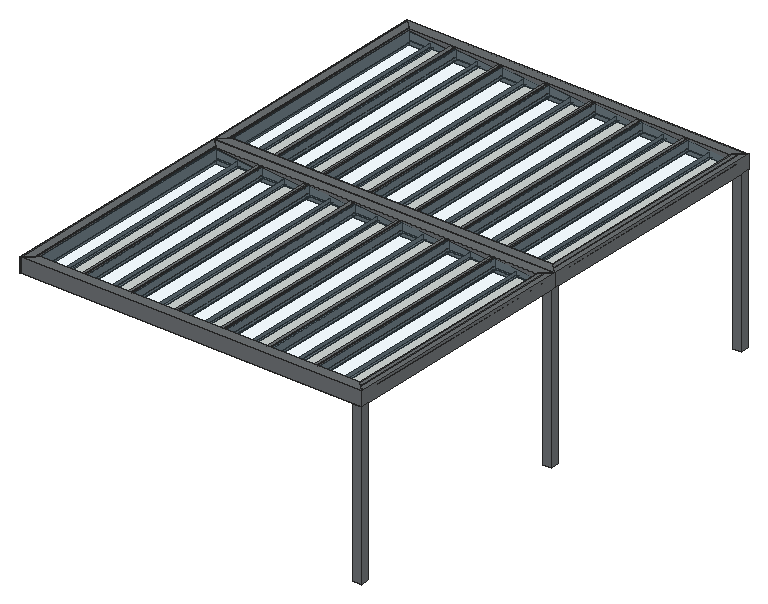
Revit family "Verano_V870_Belluno_GM_R21_Wall Attached", category Generic Models, Revit 2021
Family settings
  Can host rebar = No
  Round Connector Dimension = Use Diameter
  Part Type = Normal
  Work Plane-Based = No
  Always vertical = Yes
  Cut with Voids When Loaded = No
  Shared = No
  Room Calculation Point = No
Parameters (values of type "TYPE 3 - Double Series")
  Width 2 Input (2500 - 4250mm) [instance] = 4250 mm
  Width 2 Constraint [instance] = if([Length 2 Input (1787 - 6000mm)] < 1787 mm, 1787 mm, if([Length 2 Input (1787 - 6000mm)] > 6000 mm, 6000 mm, [Length 2 Input (1787 - 6000mm)]))  # 6000 mm
  Width 1 Input (2500 - 4250mm) [instance] = 4250 mm
  Pillar Visibility = no
  Width 1 Constraint [instance] = if([Length 1 Input (1787 - 6000mm)] < 1787 mm, 1787 mm, if([Length 1 Input (1787 - 6000mm)] > 6000 mm, 6000 mm, [Length 1 Input (1787 - 6000mm)]))  # 6000 mm
  Warning - Width [instance] = if(or([Width 1 Input (2500 - 4250mm)] < 2500 mm, [Width 1 Input (2500 - 4250mm)] > 4250 mm, [Width 2 Input (2500 - 4250mm)] < 2500 mm, [Width 2 Input (2500 - 4250mm)] > 4250 mm), 1 = 1, 1 = 0)  # no
  Warning - Length [instance] = if(or([Length 1 Input (1787 - 6000mm)] < 1787 mm, [Length 1 Input (1787 - 6000mm)] > 6000 mm, [Length 2 Input (1787 - 6000mm)] < 1787 mm, [Length 2 Input (1787 - 6000mm)] > 6000 mm), 1 = 1, 1 = 0)  # no
  URL = "https://verano.nl/catalogus/lamellendaken"
  Pillar Height Constraint [instance] = Height Constraint - 250 mm  # 2800 mm
  Panel Material [instance] = Glass
  Overall Width [instance] = if(TYPE = 1, Width 1 Constraint, if(TYPE = 3, Width 1 Constraint, Width 1 Constraint + Width 2 Constraint))  # 6000 mm
  Overall Depth [instance] = if(TYPE = 1, Depth 1 Constraint, if(TYPE = 2, Depth 1 Constraint, Depth 1 Constraint + Depth 2 Constraint))  # 8500 mm
  Model = "V870 Belluno"
  Manufacturer = "Verano Systems"
  Length 2 Input (1787 - 6000mm) [instance] = 6000 mm
  Length 1 Input (1787 - 6000mm) [instance] = 6000 mm
  Height Input (600 - 3050mm) [instance] = 3050 mm
  Height Constraint [instance] = if([Height Input (600 - 3050mm)] < 600 mm, 600 mm, if([Height Input (600 - 3050mm)] > 3050 mm, 3050 mm, [Height Input (600 - 3050mm)]))  # 3050 mm
  TYPE = 3
  Freestanding-Single = TYPE = 1  # no
  Freestanding - Double Series = TYPE = 3  # yes
  Freestanding - Double Parallel = TYPE = 2  # no
  Frame Material [instance] = V_Antracite
  Fabric Material [instance] = V_Fabric Beige
  Depth 2 Constraint [instance] = if([Width 2 Input (2500 - 4250mm)] < 2500 mm, 2500 mm, if([Width 2 Input (2500 - 4250mm)] > 4250 mm, 4250 mm, [Width 2 Input (2500 - 4250mm)]))  # 4250 mm
  Depth 1 Constraint [instance] = if([Width 1 Input (2500 - 4250mm)] < 2500 mm, 2500 mm, if([Width 1 Input (2500 - 4250mm)] > 4250 mm, 4250 mm, [Width 1 Input (2500 - 4250mm)]))  # 4250 mm
  Default Elevation = 0 mm
  Close Factor Constraint [instance] = if([Closing Factor (0-100%)] < 0, 0, if([Closing Factor (0-100%)] > 100, 100, [Closing Factor (0-100%)]))  # 50
  Closing Factor (0-100%) [instance] = 50
Types (3, lengths in mm): name | URL | Overall Width | Overall Depth | TYPE | Freestanding-Single | Freestanding - Double Series | Freestanding - Double Parallel | Close Factor Constraint | Closing Factor (0-100%)
  TYPE 1 - Single | 0 | 6000 | 4250 | 1 | yes | no | no | 100 | 100
  TYPE 2 - Double Parallel | 0 | 12000 | 4250 | 2 | no | no | yes | 50 | 50
  TYPE 3 - Double Series | "https://verano.nl/catalogus/lamellendaken" | 6000 | 8500 | 3 | no | yes | no | 50 | 50
Reference planes
  plane 1 "Center (Front/Back)": y = 0
  plane 2: z = 0
  plane 3 "Center (Left/Right)": x = 0
  plane 4: y = -4250
  plane 5: x = 6000
  plane 6: x = -6000
  plane 7: y = 4250
  plane 8: y = -4175
  plane 9: x = -5925
  plane 10: y = 4175
  plane 11: x = 5925
  plane 12: y = -75
  plane 13: x = -75
  plane 14: x = -3000
  plane 15: y = -2125
  plane 16: y = 2125
Lines and regions (mm)
  symbolic lines, style "GenericModelHiddenLines", visible <- "Freestanding - Double Series"
    curve 1: line (0, 4250, 0) -> (-6000, 4250, 0)
    curve 2: line (0, 4250, 0) -> (0, -4250, 0)
    curve 3: line (0, -4250, 0) -> (-6000, -4250, 0)
    curve 4: line (-6000, 4250, 0) -> (-6000, -4250, 0)
  symbolic lines, style "GenericModelHiddenLines", visible <- "Freestanding - Double Parallel"
    curve 5: line (6000, 0, 0) -> (-6000, 0, 0)
    curve 6: line (6000, 0, 0) -> (6000, -4250, 0)
    curve 7: line (6000, -4250, 0) -> (-6000, -4250, 0)
    curve 8: line (-6000, 0, 0) -> (-6000, -4250, 0)
  symbolic lines, style "GenericModelHiddenLines", visible <- "Freestanding-Single"
    curve 9: line (0, 0, 0) -> (-6000, 0, 0)
    curve 10: line (0, 0, 0) -> (0, -4250, 0)
    curve 11: line (0, -4250, 0) -> (-6000, -4250, 0)
    curve 12: line (-6000, 0, 0) -> (-6000, -4250, 0)
Dimensions and locks
  "Depth 1 Constraint": plane 4 to plane 1 "Center (Front/Back)"
  "Depth 2 Constraint": plane 1 "Center (Front/Back)" to plane 7
  "Width 1 Constraint": plane 6 to plane 3 "Center (Left/Right)"
  "Width 2 Constraint": plane 3 "Center (Left/Right)" to plane 5
  plane 4 to plane 7 = 8500 mm
  plane 6 to plane 5 = 12000 mm
  locked: plane 6 to plane 9 at 75
  locked: plane 4 to plane 8 at 75
  locked: plane 12 to plane 1 "Center (Front/Back)" at 75
  locked: plane 10 to plane 7 at 75
  locked: plane 13 to plane 3 "Center (Left/Right)" at 75
  locked: plane 11 to plane 5 at 75
  equal spacing: plane 6, plane 14, plane 3 "Center (Left/Right)"
  equal spacing: plane 4, plane 15, plane 1 "Center (Front/Back)"
  equal spacing: plane 1 "Center (Front/Back)", plane 16, plane 7
  aligned and locked: level to plane 2
  aligned and locked: nested 1 to plane 8
  aligned and locked: nested 1 to plane 9
  aligned and locked: plane 8 to nested 4
  aligned and locked: nested 4 to plane 13
  aligned and locked: nested 2 to plane 12
  aligned and locked: plane 9 to nested 2
  aligned and locked: plane 13 to nested 3
  aligned and locked: plane 12 to nested 3
  aligned and locked: nested 5 to plane 10
  aligned and locked: plane 9 to nested 5
  aligned and locked: plane 13 to nested 7
  aligned and locked: plane 10 to nested 7
  aligned and locked: nested 6 to plane 1 "Center (Front/Back)"
  aligned and locked: plane 9 to nested 6
  aligned and locked: plane 13 to nested 8
  aligned and locked: plane 1 "Center (Front/Back)" to nested 8
  aligned and locked: plane 11 to nested 10
  aligned and locked: plane 12 to nested 10
  aligned and locked: nested 12 to plane 3 "Center (Left/Right)"
  aligned and locked: plane 8 to nested 12
  aligned and locked: plane 12 to nested 11
  aligned and locked: plane 3 "Center (Left/Right)" to nested 11
  aligned and locked: nested 9 to plane 11
  aligned and locked: plane 8 to nested 9
  aligned and locked: nested 13 to plane 9
  aligned and locked: nested 13 to plane 8
  aligned and locked: plane 8 to nested 14
  aligned and locked: nested 14 to plane 13
  aligned and locked: plane 9 to nested 15
  aligned and locked: nested 15 to plane 12
  aligned and locked: nested 16 to plane 15
  aligned and locked: nested 16 to plane 14
  aligned and locked: nested 17 to plane 3 "Center (Left/Right)"
  aligned and locked: nested 17 to plane 15
  aligned and locked: nested 18 to plane 16
  aligned and locked: nested 18 to plane 14
  aligned and locked: curve 1 to plane 7
  aligned and locked: curve 2 to plane 3 "Center (Left/Right)"
  aligned and locked: curve 3 to plane 4
  aligned and locked: curve 4 to plane 6
  aligned and locked: curve 5 to plane 1 "Center (Front/Back)"
  aligned and locked: curve 6 to plane 5
  aligned and locked: curve 7 to plane 4
  aligned and locked: curve 8 to plane 6
  aligned and locked: curve 9 to plane 1 "Center (Front/Back)"
  aligned and locked: curve 10 to plane 3 "Center (Left/Right)"
Nested families
  nested 1: "Pillar" at (-5925, -4175, 0), visible <- "Pillar Visibility", type "Pillar"
    with Pillar Height 2800 mm
  nested 2: "Pillar" at (-5925, -75, 0), visible <- "Pillar Visibility", type "Pillar"
    with Pillar Height 2800 mm
  nested 3: "Pillar" at (-75, -75, 0), visible <- "Freestanding-Single", type "Pillar"
    with Pillar Height 2800 mm
  nested 4: "Pillar" at (-75, -4175, 0), visible <- "Freestanding-Single", type "Pillar"
    with Pillar Height 2800 mm
  nested 5: "Pillar" at (-5925, 4175, 0), visible <- "Pillar Visibility", type "Pillar"
    with Pillar Height 2800 mm
  nested 6: "Pillar" at (-5925, 0, 0), visible <- "Pillar Visibility", type "Pillar"
    with Pillar Height 2800 mm
  nested 7: "Pillar" at (-75, 4175, 0), visible <- "Freestanding - Double Series", type "Pillar"
    with Pillar Height 2800 mm
  nested 8: "Pillar" at (-75, 0, 0), visible <- "Freestanding - Double Series", type "Pillar"
    with Pillar Height 2800 mm
  nested 9: "Pillar" at (5925, -4175, 0), visible <- "Freestanding - Double Parallel", type "Pillar"
    with Pillar Height 2800 mm
  nested 10: "Pillar" at (5925, -75, 0), visible <- "Freestanding - Double Parallel", type "Pillar"
    with Pillar Height 2800 mm
  nested 11: "Pillar" at (0, -75, 0), visible <- "Freestanding - Double Parallel", type "Pillar"
    with Pillar Height 2800 mm
  nested 12: "Pillar" at (0, -4175, 0), visible <- "Freestanding - Double Parallel", type "Pillar"
    with Pillar Height 2800 mm
  nested 13: "Pillar" at (-5925, -4175, 0), visible <- "Pillar Visibility", type "Pillar"
    with Pillar Height 2800 mm
  nested 14: "Pillar" at (-75, -4175, 0), visible <- "Freestanding - Double Series", type "Pillar"
    with Pillar Height 2800 mm
  nested 15: "Pillar" at (-5925, -75, 0), visible <- "Pillar Visibility", type "Pillar"
    with Pillar Height 2800 mm
  nested 16: "Frame_TYPE 1" at (-3000, -2125, 2800), built-in parameter 1001360 <- "Pillar Height Constraint", type "Frame_TYPE 1"
    with Width 6000 mm, Segment Width 817.857 mm, Openness Percentage (1 - 100) 50, Openness Maximal 737.857 mm, Internal Width 5645 mm, Internal Depth 3895 mm, Glass Width 788.418 mm, Fabric Width 433.929 mm, Fabric Openness 368.929 mm, Depth 4250 mm, Clear Segment Width 737.857 mm, Angle 2 4.61966°, Angle 1 4.61966°
  nested 17: "Frame_TYPE 1" at (2997.5, -2125, 2800), built-in parameter 1001360 <- "Pillar Height Constraint", visible <- "Freestanding - Double Parallel", type "Frame_TYPE 2"
    with Width 6000 mm, Segment Width 817.857 mm, Openness Percentage (1 - 100) 50, Openness Maximal 737.857 mm, Internal Width 5645 mm, Internal Depth 3895 mm, Glass Width 788.418 mm, Fabric Width 433.929 mm, Fabric Openness 368.929 mm, Depth 4250 mm, Clear Segment Width 737.857 mm, Angle 2 4.61966°, Angle 1 4.61966°
  nested 18: "Frame_TYPE 1" at (-3000, 2125, 2800), visible <- "Freestanding - Double Series", built-in parameter 1001360 <- "Pillar Height Constraint", type "Frame_TYPE 3"
    with Width 6000 mm, Segment Width 817.857 mm, Openness Percentage (1 - 100) 50, Openness Maximal 737.857 mm, Internal Width 5645 mm, Internal Depth 3895 mm, Glass Width 788.418 mm, Fabric Width 433.929 mm, Fabric Openness 368.929 mm, Depth 4250 mm, Clear Segment Width 737.857 mm, Angle 2 4.61966°, Angle 1 4.61966°
Definition of nested family "Pillar"
  Parameters (values of type "Pillar")
    Pillar Height = 2500 mm
    Frame Material = none
    Default Elevation = 0 mm
  Reference planes
    plane 1 "Center (Front/Back)": y = 0
    plane 2: z = 0
    plane 3 "Center (Left/Right)": x = 0
    plane 4: z = 2500
  Forms (mm)
    Extrusion 1, solid, material <- "Frame Material"
      sketch origin (0, 0, 0) x (1, 0, 0) y (0, 1, 0)
        loop
          line (73, 75) -> (-73, 75) -> (-75, 73) -> (-75, -73) -> (-73, -75) -> (73, -75) -> (75, -73) -> (75, 73) -> (73, 75)
      from 0 to 2500
  Dimensions and locks
    "Pillar Height": plane 4 to level
    aligned and locked: level to plane 2
    aligned and locked: plane 4 to Extrusion 1
  Automatic sketch dimensions
    Extrusion 1 sketch curve to Extrusion 1 sketch curve = 2 mm  (x7)
    Extrusion 1 sketch curve to plane 1 "Center (Front/Back)" = 73 mm  (x2)
    Extrusion 1 sketch curve to plane 3 "Center (Left/Right)" = 75 mm
    plane 3 "Center (Left/Right)" to Extrusion 1 sketch curve = 73 mm
    plane 1 "Center (Front/Back)" to Extrusion 1 sketch curve = 73 mm
Definition of nested family "Frame_TYPE 1"
  Parameters (values of type "Frame_TYPE 1")
    Width = 5987 mm
    Segment Width = (Internal Width + 80 mm) / Number of Segments Constraint  # 816 mm
    Panel Material = none
    Openness Percentage (1 - 100) = 25
    Openness Maximal = Segment Width - 80 mm  # 736 mm
    Openness Minimal = 0 mm  # constant formula
    Number of Segments Constraint = if(Number of Segments < 3, 3, Number of Segments)  # 7
    Number of Segments = Internal Width / 800 mm  # 7
    Number of Rails = Number of Segments Constraint - 1  # 6
    Internal Width = Width - 2 * 177.5 mm  # 5632 mm
    Internal Depth = Depth - 2 * 177.5 mm  # 3632 mm
    Glass Width = sqrt((Segment Width - 2 * 16 mm) ^ 2 + 63.5 mm ^ 2)  # 786.567 mm
    Frame Material = none
    Fabric Width = Fabric Openness + 30 mm + 35 mm  # 249 mm
    Fabric Openness = (Openness Maximal - Openness Minimal) * [Openness Percentage (1 - 100)] / 100  # 184 mm
    Fabric Material = none
    Depth = 3987 mm
    Default Elevation = 0 mm
    Clear Segment Width = Segment Width - 80 mm  # 736 mm
    Angle 2 = asin(63.5 mm / Glass Width)  # 4.63056°
    Angle 1 = acos((Segment Width - 2 * 16 mm) / Glass Width)  # 4.63056°
  Reference planes
    plane 1 "Center (Front/Back)": y = 0
    plane 2: z = 0
    plane 3 "Center (Left/Right)": x = 0
    plane 4: x = 2993.5
    plane 5: x = -2993.5
    plane 6: y = 1993.5
    plane 7: y = -1993.5
    plane 8: x = -2816
    plane 9: x = 2816
    plane 10: y = 1816
    plane 11: y = -1816
    plane 12: x = -2856
    plane 13 "C1": x = -2040
    plane 14: x = 2856
    plane 15: x = 2040
    plane 16: x = -2224
    plane 17: x = 2672
    plane 18 "Fabric": z = 67
  Lines and regions (mm)
    model lines
      curve 1: line (-2815.998, 0, 247.618) -> (-2840, 0, 247.618)
      curve 2: line (-2815.998, 0, 231.618) -> (-2815.998, 0, 247.618)
      curve 3: line (-2840, 0, 247.618) -> (-2840, 0, 224.659)
  Dimensions and locks
    equal spacing: plane 5, plane 3 "Center (Left/Right)", plane 4
    "Width": plane 5 to plane 4
    equal spacing: plane 7, plane 1 "Center (Front/Back)", plane 6
    "Depth": plane 7 to plane 6
    locked: plane 7 to plane 11 at 177.5
    locked: plane 10 to plane 6 at 177.5
    locked: plane 5 to plane 8 at 177.5
    locked: plane 9 to plane 4 at 177.5
    locked: plane 5 to plane 12 at 137.5
    "Segment Width": plane 12 to plane 13 "C1"
    locked: plane 14 to plane 4 at 137.5
    "Segment Width": plane 15 to plane 14
    plane 13 "C1" to plane 15 = 4080 mm
    "Fabric Openness": plane 16 to plane 13 "C1"
    "Fabric Openness": plane 17 to plane 14
    equal spacing: group 1, group 3, group 4, group 10, group 11, group 2  (x3)
    equal spacing: group 5, group 7, group 8, group 9, group 12, group 13, group 6  (x3)
    aligned and locked: level to plane 2
    aligned and locked: nested 1 to plane 1 "Center (Front/Back)"
    aligned and locked: plane 1 "Center (Front/Back)" to nested 2
    aligned and locked: plane 5 to nested 1
    aligned and locked: plane 4 to nested 2
    aligned and locked: nested 4 to plane 3 "Center (Left/Right)"
    aligned and locked: plane 3 "Center (Left/Right)" to nested 3
    aligned and locked: nested 3 to plane 6
    aligned and locked: nested 4 to plane 7
    aligned and locked: nested 5 to plane 1 "Center (Front/Back)"
    aligned and locked: nested 6 to plane 1 "Center (Front/Back)"
    aligned and locked: plane 16 to nested 6
    aligned and locked: plane 13 "C1" to nested 5
    aligned and locked: plane 1 "Center (Front/Back)" to nested 7
    aligned and locked: plane 15 to nested 7
    aligned and locked: plane 1 "Center (Front/Back)" to nested 10
    aligned and locked: plane 17 to nested 10
  Automatic sketch dimensions
    plane 12 to curve 3 = 16 mm
    plane 8 to curve 2 = 0.002 mm
    curve 2 to curve 1 = 16 mm
    curve 3 to curve 1 = 22.959 mm
    curve 2 to plane 18 "Fabric" = 180.618 mm
  Nested families
    nested 1: "External Profile_P3" at (-2993.5, 0, 0), type "External Profile_P3"
      with Length 3987 mm, Glass Width 786.567 mm, Glass Angle 4.63056°
    nested 2: "External Profile_P2" at (2993.5, 0, 0), type "External Profile_P2"
      with Length 3987 mm
    nested 3: "External Profile_P1" at (0, 1993.5, 0), type "External Profile_P1"
      with Length 5987 mm
    nested 4: "External Profile_P1" at (0, -1993.5, 0) x (-1, 0, 0) z (0, 0, 1), type "External Profile_P1"
      with Length 5987 mm
    nested 5: "Middle Rail" at (-2040, 0, 0), type "Middle Rail"
      with Glass Width 786.567 mm, Glass Angle 4.63056°
    nested 6: "Sliding Mask" at (-2224, 0, 0), type "Sliding Mask"
      with Length 3632 mm, Fabric Width 249 mm
    nested 7: "Middle Rail" at (2040, 0, 0), type "Middle Rail"
      with Glass Width 786.567 mm, Glass Angle 4.63056°
    nested 8: "Middle Rail" at (-1224, 0, 0), type "Middle Rail"
      with Glass Width 786.567 mm, Glass Angle 4.63056°
    nested 9: "Middle Rail" at (-408, 0, 0), type "Middle Rail"
      with Glass Width 786.567 mm, Glass Angle 4.63056°
    nested 10: "Sliding Mask" at (2672, 0, 0), type "Sliding Mask"
      with Length 3632 mm, Fabric Width 249 mm
    nested 11: "Sliding Mask" at (-1408, 0, 0), type "Sliding Mask"
      with Length 3632 mm, Fabric Width 249 mm
    nested 12: "Sliding Mask" at (-592, 0, 0), type "Sliding Mask"
      with Length 3632 mm, Fabric Width 249 mm
    nested 13: "Sliding Mask" at (224, 0, 0), type "Sliding Mask"
      with Length 3632 mm, Fabric Width 249 mm
    nested 14: "Middle Rail" at (408, 0, 0), type "Middle Rail"
      with Glass Width 786.567 mm, Glass Angle 4.63056°
    nested 15: "Middle Rail" at (1224, 0, 0), type "Middle Rail"
      with Glass Width 786.567 mm, Glass Angle 4.63056°
    nested 16: "Sliding Mask" at (1040, 0, 0), type "Sliding Mask"
      with Length 3632 mm, Fabric Width 249 mm
    nested 17: "Sliding Mask" at (1856, 0, 0), type "Sliding Mask"
      with Length 3632 mm, Fabric Width 249 mm
  Definition of nested family "External Profile_P3"
    Parameters (values of type "External Profile_P3")
      Panel Material = none
      Length = 5000 mm
      Glass Width = 250 mm
      Glass Angle = 5.10°
      Frame Material = none
      Default Elevation = 0 mm
    Reference planes
      plane 1 "Center (Front/Back)": y = 0
      plane 2: z = 0
      plane 3 "Center (Left/Right)": x = 0
      plane 4: y = 2500
      plane 5: y = -2500
      plane 6: y = 2322.49
      plane 7: y = -2322.49
      plane 8: x = 177.502
      plane 9 "GSH": z = 224.618
      plane 10 "GSV": x = 153.502
      plane 11: z = 228.618
      plane 12: z = 220.618
    Forms (mm)
      Extrusion 1, solid, material <- "Frame Material"
        sketch origin (0, 0, 0) x (1, 0, 0) y (0, 0, 1)
          loop
            line (0, 247.618) -> (0, 0) -> (177.502, 0) -> (177.502, 27) -> (160.754, 27) -> (151.502, 17.747) -> (151.502, 3) -> (2.5, 3) -> (2.5, 245.121) -> (142.51, 245.121) -> (142.51, 207.121) -> (175.51, 207.121) -> (175.51, 34.872) -> (137.76, 34.872) -> (137.76, 32.072) -> (175.51, 32.072)
            arc (175.51, 32.072) -> (176.924, 32.658) -> (177.51, 34.072) r 2
            line (177.51, 34.072) -> (177.51, 216.228) -> (160.51, 217.715) -> (160.51, 209.121) -> (144.51, 209.121) -> (144.51, 245.121) -> (175.885, 245.121) -> (175.885, 238.421) -> (177.502, 238.421) -> (177.502, 245.618)
            arc (177.502, 245.618) -> (176.916, 247.032) -> (175.502, 247.618) r 2
            line (175.502, 247.618) -> (0, 247.618)
        from -2500 to 2500
      Extrusion 2, void
        sketch origin (0, 0, 0) x (1, 0, 0) y (0, 1, 0)
          loop
            line (0, 2500) -> (177.51, 2322.49) -> (354.287, 2499.267) -> (176.777, 2676.777) -> (0, 2500)
        from 0 to 250
      Extrusion 3, void
        sketch origin (0, 0, 0) x (1, 0, 0) y (0, 1, 0)
          loop
            line (0, -2500) -> (176.777, -2676.777) -> (354.287, -2499.267) -> (177.51, -2322.49) -> (0, -2500)
        from 0 to 250
      Revolve 4, solid, not visible
        sketch origin (153.502, 0, 0) x (0, 0, -1) y (0, -1, 0)
          loop
            line (-228.618, -2322.49) -> (-220.618, -2322.49) -> (-220.618, 2322.49) -> (-228.618, 2322.49) -> (-228.618, -2322.49)
          axis (-220.618, 2322.49) -> (-220.618, -2322.49)
        angle from 5.1 <- "Glass Angle" to -90
      Extrusion 5, solid, material <- "Panel Material"
        sketch origin (153.502, -2826.516, 220.618) x (0, 1, 0) y (0.088894, 0, 0.996041)
          loop
            line (5149.006, 8) -> (504.026, 8) -> (504.026, 0) -> (5149.006, 0) -> (5149.006, 8)
        from 0 to 250 <- "Glass Width"
    Cuts and joins
      Extrusion 2, Extrusion 3 cuts Extrusion 1
    Dimensions and locks
      equal spacing: plane 5, plane 1 "Center (Front/Back)", plane 4
      "Length": plane 5 to plane 4
      locked: plane 6 to plane 4 at 177.51
      locked: plane 5 to plane 7 at 177.51
      locked: plane 3 "Center (Left/Right)" to plane 8 at 177.502
      locked: plane 10 "GSV" to plane 8 at 24
      locked: plane 9 "GSH" to plane 2 at 224.618
      equal spacing: plane 11, plane 9 "GSH", plane 12
      locked: plane 11 to plane 12 at 8
      aligned and locked: level to plane 2
      aligned and locked: Extrusion 1 to plane 4
      aligned and locked: plane 5 to Extrusion 1
      aligned and locked: plane 4 to Extrusion 2 sketch curve
      aligned and locked: plane 6 to Extrusion 2 sketch curve
      aligned and locked: plane 7 to Extrusion 3 sketch curve
      aligned and locked: plane 5 to Extrusion 3 sketch curve
      aligned and locked: plane 6 to Revolve 4 sketch curve
      aligned and locked: plane 11 to Revolve 4 sketch curve
      aligned and locked: plane 12 to Revolve 4 sketch curve
      aligned and locked: Revolve 4 sketch curve to plane 7
      aligned and locked: Extrusion 5 sketch curve to Revolve 4  (x3)
      aligned and locked: Revolve 4 to Extrusion 5 sketch curve
    Automatic sketch dimensions
      Extrusion 1 sketch curve to level = 0 mm
      Extrusion 1 sketch curve to plane 3 "Center (Left/Right)" = 0 mm
      plane 8 to Extrusion 1 sketch curve = 0 mm
      plane 3 "Center (Left/Right)" to Extrusion 1 sketch curve = 2.5 mm
      plane 8 to Extrusion 1 sketch curve = 39.742 mm
      plane 8 to Extrusion 1 sketch curve = 34.992 mm
      Extrusion 1 sketch curve to Extrusion 1 sketch curve = 2 mm  (x2)
      level to Extrusion 1 sketch curve = 3 mm
      plane 8 to Extrusion 1 sketch curve = 26.001 mm
      plane 8 to Extrusion 1 sketch curve = 16.992 mm
      Extrusion 1 sketch curve to Extrusion 1 sketch curve = 9.253 mm
      plane 8 to Extrusion 1 sketch curve = 2 mm
      plane 8 to Extrusion 1 sketch curve = 1.992 mm  (x2)
      plane 8 to Extrusion 1 sketch curve = 1.618 mm
      plane 8 to Extrusion 1 sketch curve = 0.001 mm
      Extrusion 1 sketch curve to plane 8 = 0.008 mm
      Extrusion 1 sketch curve to Extrusion 1 sketch curve = 14.747 mm
      level to Extrusion 1 sketch curve = 27 mm
      Extrusion 1 sketch curve to Extrusion 1 sketch curve = 5.072 mm
      Extrusion 1 sketch curve to Extrusion 1 sketch curve = 2.8 mm
      Extrusion 1 sketch curve to Extrusion 1 sketch curve = 172.249 mm
      Extrusion 1 sketch curve to Extrusion 1 sketch curve = 9.107 mm
      Extrusion 1 sketch curve to Extrusion 1 sketch curve = 8.594 mm
      Extrusion 1 sketch curve to Extrusion 1 sketch curve = 22.193 mm
      Extrusion 1 sketch curve to Extrusion 1 sketch curve = 27.406 mm
      Extrusion 1 sketch curve to Extrusion 1 sketch curve = 6.7 mm
      Extrusion 1 sketch curve to Extrusion 1 sketch curve = 0.497 mm
      Extrusion 2 sketch curve to plane 3 "Center (Left/Right)" = 0 mm
      plane 8 to Extrusion 2 sketch curve = 0.725 mm
      Extrusion 2 sketch curve to plane 8 = 0.008 mm
      Extrusion 3 sketch curve to plane 3 "Center (Left/Right)" = 0 mm
      plane 8 to Extrusion 3 sketch curve = 0.725 mm
      Extrusion 3 sketch curve to plane 8 = 0.008 mm
      plane 12 to Revolve 4 sketch curve = 0 mm
      Revolve 4 sketch curve to plane 4 = 176.777 mm
      plane 5 to Revolve 4 sketch curve = 326.516 mm
  Definition of nested family "External Profile_P2"
    Parameters (values of type "External Profile_P2")
      Length = 3000 mm
      Frame Material = none
      Default Elevation = 0 mm
    Reference planes
      plane 1 "Center (Front/Back)": y = 0
      plane 2: z = 0
      plane 3 "Center (Left/Right)": x = 0
      plane 4: y = 1500
      plane 5: y = -1500
      plane 6: x = -177.502
      plane 7: y = 1322.498
      plane 8: y = -1322.498
    Forms (mm)
      Extrusion 1, solid, material <- "Frame Material"
        sketch origin (0, 0, 0) x (1, 0, 0) y (0, 0, 1)
          loop
            line (0, 247.618) -> (-175.502, 247.618)
            arc (-175.502, 247.618) -> (-176.916, 247.032) -> (-177.502, 245.618) r 2
            line (-177.502, 245.618) -> (-177.502, 238.421) -> (-175.885, 238.421) -> (-175.885, 245.121) -> (-147.002, 245.121) -> (-147.002, 237.921) -> (-173.5, 237.921) -> (-173.5, 179.916) -> (-145.5, 179.916) -> (-145.5, 174.621) -> (-132.5, 161.621) -> (-132.5, 152.534) -> (-173.5, 156.121) -> (-173.5, 113.121)
            arc (-173.5, 113.121) -> (-172.036, 109.585) -> (-168.5, 108.121) r 5
            line (-168.5, 108.121) -> (-99.5, 108.121) -> (-99.5, 245.121) -> (-2.5, 245.121) -> (-2.5, 3) -> (-116.5, 3) -> (-116.5, 68.001) -> (-118.5, 68.001) -> (-118.5, 27) -> (-138.002, 27) -> (-138.002, 17) -> (-150.754, 17) -> (-160.754, 27) -> (-177.502, 27) -> (-177.502, 0) -> (0, 0) -> (0, 247.618)
          loop
            arc (-115.65, 83.486) -> (-119.983, 87.122) -> (-123.619, 82.789) r 4
            line (-123.619, 82.789) -> (-122.5, 69.995) -> (-122.5, 47.134)
            arc (-122.5, 47.134) -> (-122.793, 46.427) -> (-123.5, 46.134) r 1
            line (-123.5, 46.134) -> (-130.5, 46.134)
            arc (-130.5, 46.134) -> (-130.962, 45.825) -> (-130.854, 45.28) r 0.5
            line (-130.854, 45.28) -> (-129.5, 43.927) -> (-129.5, 43.136) -> (-128.5, 42.136) -> (-129.5, 41.136) -> (-129.5, 40.345) -> (-130.854, 38.991)
            arc (-130.854, 38.991) -> (-130.962, 38.446) -> (-130.5, 38.137) r 0.5
            line (-130.5, 38.137) -> (-123, 38.137)
            arc (-123, 38.137) -> (-121.586, 38.723) -> (-121, 40.137) r 2
            line (-121, 40.137) -> (-121, 70.06) -> (-122.125, 82.92)
            arc (-122.125, 82.92) -> (-119.852, 85.628) -> (-117.144, 83.355) r 2.5
            line (-117.144, 83.355) -> (-115.75, 67.42) -> (-115.75, 60.975) -> (-114.25, 60.975) -> (-114.25, 67.487) -> (-115.65, 83.486)
        from -1500 to 1500
      Extrusion 2, void
        sketch origin (0, 0, 0) x (1, 0, 0) y (0, 1, 0)
          loop
            line (-177.502, 1322.498) -> (0, 1500) -> (-176.777, 1676.777) -> (-354.279, 1499.275) -> (-177.502, 1322.498)
        from 0 to 250
      Extrusion 3, void
        sketch origin (0, 0, 0) x (1, 0, 0) y (0, 1, 0)
          loop
            line (-177.502, -1322.498) -> (-354.279, -1499.275) -> (-176.777, -1676.777) -> (0, -1500) -> (-177.502, -1322.498)
        from 0 to 250
    Cuts and joins
      Extrusion 2, Extrusion 3 cuts Extrusion 1
    Dimensions and locks
      equal spacing: plane 5, plane 1 "Center (Front/Back)", plane 4
      "Length": plane 5 to plane 4
      locked: plane 7 to plane 4 at 177.502
      locked: plane 6 to plane 3 "Center (Left/Right)" at 177.502  (x2)
      locked: plane 5 to plane 8 at 177.502
      aligned and locked: level to plane 2
      aligned and locked: Extrusion 1 to plane 4
      aligned and locked: plane 5 to Extrusion 1
      aligned and locked: plane 7 to Extrusion 2 sketch curve
      aligned and locked: plane 4 to Extrusion 2 sketch curve
      aligned and locked: plane 8 to Extrusion 3 sketch curve
      aligned and locked: plane 5 to Extrusion 3 sketch curve
    Automatic sketch dimensions
      Extrusion 1 sketch curve to Extrusion 1 sketch curve = 0 mm  (x4)
      Extrusion 1 sketch curve to plane 6 = 0 mm
      Extrusion 1 sketch curve to level = 0 mm
      Extrusion 1 sketch curve to plane 3 "Center (Left/Right)" = 0 mm
      plane 6 to Extrusion 1 sketch curve = 0.001 mm
      plane 6 to Extrusion 1 sketch curve = 1.618 mm
      Extrusion 1 sketch curve to Extrusion 1 sketch curve = 0.382 mm
      Extrusion 1 sketch curve to Extrusion 1 sketch curve = 2.385 mm
      plane 6 to Extrusion 1 sketch curve = 4.002 mm
      Extrusion 1 sketch curve to Extrusion 1 sketch curve = 5 mm
      Extrusion 1 sketch curve to Extrusion 1 sketch curve = 16.747 mm
      Extrusion 1 sketch curve to Extrusion 1 sketch curve = 10 mm  (x2)
      Extrusion 1 sketch curve to Extrusion 1 sketch curve = 26.498 mm
      Extrusion 1 sketch curve to Extrusion 1 sketch curve = 28 mm
      Extrusion 1 sketch curve to Extrusion 1 sketch curve = 12.753 mm
      Extrusion 1 sketch curve to Extrusion 1 sketch curve = 13 mm  (x2)
      Extrusion 1 sketch curve to Extrusion 1 sketch curve = 7.148 mm
      Extrusion 1 sketch curve to Extrusion 1 sketch curve = 0.354 mm  (x3)
      Extrusion 1 sketch curve to Extrusion 1 sketch curve = 1.354 mm  (x3)
      Extrusion 1 sketch curve to Extrusion 1 sketch curve = 1 mm  (x3)
      Extrusion 1 sketch curve to Extrusion 1 sketch curve = 6.881 mm
      Extrusion 1 sketch curve to Extrusion 1 sketch curve = 6 mm
      Extrusion 1 sketch curve to Extrusion 1 sketch curve = 5.5 mm
      Extrusion 1 sketch curve to Extrusion 1 sketch curve = 1.494 mm  (x2)
      Extrusion 1 sketch curve to Extrusion 1 sketch curve = 1.5 mm  (x2)
      Extrusion 1 sketch curve to Extrusion 1 sketch curve = 2.49 mm  (x2)
      Extrusion 1 sketch curve to Extrusion 1 sketch curve = 4.5 mm
      Extrusion 1 sketch curve to Extrusion 1 sketch curve = 2 mm
      Extrusion 1 sketch curve to Extrusion 1 sketch curve = 0.75 mm
      Extrusion 1 sketch curve to Extrusion 1 sketch curve = 47.502 mm
      Extrusion 1 sketch curve to plane 3 "Center (Left/Right)" = 2.5 mm
      level to Extrusion 1 sketch curve = 3 mm
      level to Extrusion 1 sketch curve = 17 mm
      level to Extrusion 1 sketch curve = 27 mm
      Extrusion 1 sketch curve to Extrusion 1 sketch curve = 11.137 mm
      Extrusion 1 sketch curve to Extrusion 1 sketch curve = 0.5 mm  (x2)
      Extrusion 1 sketch curve to Extrusion 1 sketch curve = 0.791 mm  (x2)
      Extrusion 1 sketch curve to Extrusion 1 sketch curve = 13.841 mm
      Extrusion 1 sketch curve to Extrusion 1 sketch curve = 6.444 mm
      Extrusion 1 sketch curve to Extrusion 1 sketch curve = 0.067 mm
      Extrusion 1 sketch curve to Extrusion 1 sketch curve = 0.581 mm
      Extrusion 1 sketch curve to Extrusion 1 sketch curve = 1.994 mm
      Extrusion 1 sketch curve to Extrusion 1 sketch curve = 0.065 mm
      Extrusion 1 sketch curve to Extrusion 1 sketch curve = 12.794 mm
      Extrusion 1 sketch curve to Extrusion 1 sketch curve = 0.131 mm
      Extrusion 1 sketch curve to Extrusion 1 sketch curve = 0.218 mm
      Extrusion 1 sketch curve to Extrusion 1 sketch curve = 24.635 mm
      Extrusion 1 sketch curve to Extrusion 1 sketch curve = 39.413 mm
      Extrusion 1 sketch curve to Extrusion 1 sketch curve = 3.587 mm
      Extrusion 1 sketch curve to Extrusion 1 sketch curve = 9.087 mm
      Extrusion 1 sketch curve to Extrusion 1 sketch curve = 5.295 mm
      Extrusion 1 sketch curve to Extrusion 1 sketch curve = 58.005 mm
      Extrusion 1 sketch curve to Extrusion 1 sketch curve = 7.2 mm  (x2)
      Extrusion 1 sketch curve to Extrusion 1 sketch curve = 0.497 mm
      Extrusion 2 sketch curve to plane 6 = 0 mm
      Extrusion 2 sketch curve to plane 3 "Center (Left/Right)" = 0 mm
      plane 4 to Extrusion 2 sketch curve = 0.725 mm
      Extrusion 3 sketch curve to plane 6 = 0 mm
      Extrusion 3 sketch curve to plane 3 "Center (Left/Right)" = 0 mm
      Extrusion 3 sketch curve to plane 5 = 0.725 mm
  Definition of nested family "External Profile_P1"
    Parameters (values of type "External Profile_P1")
      Length = 2000 mm
      Frame Material = none
      Default Elevation = 0 mm
    Reference planes
      plane 1 "Center (Front/Back)": y = 0
      plane 2: z = 0
      plane 3 "Center (Left/Right)": x = 0
      plane 4: x = -1000
      plane 5: x = 1000
      plane 6: x = -822.498
      plane 7: y = -177.502
      plane 8: x = 822.498
    Forms (mm)
      Extrusion 1, solid, material <- "Frame Material"
        sketch origin (0, 0, 0) x (0, 1, 0) y (0, 0, 1)
          loop
            line (0, 0) -> (0, 247.618) -> (-177.502, 247.618) -> (-177.502, 81.376) -> (-175.003, 81.376) -> (-175.003, 245.121) -> (-2.5, 245.121) -> (-2.5, 3) -> (-175.003, 3) -> (-175.003, 56.5) -> (-177.502, 56.5) -> (-177.502, 0) -> (0, 0)
        from -1000 to 1000
      Extrusion 2, void
        sketch origin (0, 0, 0) x (1, 0, 0) y (0, 1, 0)
          loop
            line (-1000, 0) -> (-1176.777, -176.777) -> (-999.275, -354.278) -> (-822.498, -177.502) -> (-1000, 0)
        from 0 to 250
      Extrusion 3, void
        sketch origin (0, 0, 0) x (-1, 0, 0) y (0, -1, 0)
          loop
            line (-1000, 0) -> (-822.498, 177.502) -> (-999.275, 354.278) -> (-1176.777, 176.777) -> (-1000, 0)
        from 0 to 250
    Cuts and joins
      Extrusion 2, Extrusion 3 cuts Extrusion 1
    Dimensions and locks
      equal spacing: plane 4, plane 3 "Center (Left/Right)", plane 5
      "Length": plane 4 to plane 5
      locked: plane 4 to plane 6 at 177.502
      locked: plane 7 to plane 1 "Center (Front/Back)" at 177.502
      locked: plane 8 to plane 5 at 177.502
      aligned and locked: level to plane 2
      aligned and locked: Extrusion 1 to plane 4
      aligned and locked: plane 5 to Extrusion 1
      aligned and locked: plane 1 "Center (Front/Back)" to Extrusion 2 sketch curve
      aligned and locked: plane 6 to Extrusion 2 sketch curve
      aligned and locked: plane 4 to Extrusion 2 sketch curve
      aligned and locked: plane 8 to Extrusion 3 sketch curve
      aligned and locked: plane 5 to Extrusion 3 sketch curve
    Automatic sketch dimensions
      Extrusion 1 sketch curve to plane 7 = 0 mm  (x2)
      Extrusion 1 sketch curve to level = 0 mm
      Extrusion 1 sketch curve to plane 1 "Center (Front/Back)" = 0 mm
      plane 7 to Extrusion 1 sketch curve = 2.498 mm  (x2)
      plane 1 "Center (Front/Back)" to Extrusion 1 sketch curve = 2.5 mm
      level to Extrusion 1 sketch curve = 3 mm
      Extrusion 1 sketch curve to Extrusion 1 sketch curve = 53.5 mm
      Extrusion 1 sketch curve to Extrusion 1 sketch curve = 24.876 mm
      Extrusion 1 sketch curve to Extrusion 1 sketch curve = 163.745 mm
      Extrusion 1 sketch curve to Extrusion 1 sketch curve = 2.497 mm
      Extrusion 2 sketch curve to plane 7 = 0 mm
      plane 7 to Extrusion 2 sketch curve = 0.725 mm
      plane 1 "Center (Front/Back)" to Extrusion 3 sketch curve = 0 mm
      Extrusion 3 sketch curve to plane 7 = 0 mm
      plane 7 to Extrusion 3 sketch curve = 0.725 mm
  Definition of nested family "Middle Rail"
    Parameters (values of type "Middle Rail")
      Panel Material = none
      Length = 3632 mm
      Glass Width = 713.232 mm
      Glass Angle = 5.10788°
      Frame Material = none
      Default Elevation = 0 mm
    Reference planes
      plane 1 "Center (Front/Back)": y = 0
      plane 2: z = 0
      plane 3 "Center (Left/Right)": x = 0
      plane 4: y = 1816
      plane 5: y = -1816
      plane 6: x = 15.558
      plane 7: z = 224.696
      plane 8: z = 161.199
      plane 9: x = -15.558
      plane 10: z = 225
      plane 11 "22": x = 16.5
      plane 12: z = 221
      plane 13: z = 229
    Forms (mm)
      Extrusion 1, solid, material <- "Frame Material"
        sketch origin (0, 0, 0) x (1, 0, 0) y (0, 0, 1)
          loop
            line (-35.5, 237.921) -> (-35.5, 179.916) -> (-16.5, 179.916) -> (-16.5, 184.916) -> (-7.5, 184.916) -> (-7.5, 174.621) -> (5.5, 161.621) -> (5.5, 110.134) -> (-30.5, 110.134)
            arc (-30.5, 110.134) -> (-32.621, 111.013) -> (-33.5, 113.134) r 3
            line (-33.5, 113.134) -> (-33.5, 149.121) -> (-21.5, 149.121)
            arc (-21.5, 149.121) -> (-19.379, 150) -> (-18.5, 152.121) r 3
            line (-18.5, 152.121) -> (-18.5, 154.634) -> (-35.5, 156.121) -> (-35.5, 113.121)
            arc (-35.5, 113.121) -> (-34.036, 109.585) -> (-30.5, 108.121) r 5
            line (-30.5, 108.121) -> (38.5, 108.121) -> (38.5, 103.402) -> (25.603, 97.388) -> (25.603, 96.569) -> (28.58, 96.569) -> (38.5, 101.195) -> (38.5, 34.872) -> (0.75, 34.872) -> (0.75, 32.072) -> (38.5, 32.072)
            arc (38.5, 32.072) -> (39.914, 32.658) -> (40.5, 34.072) r 2
            line (40.5, 34.072) -> (40.5, 216.228) -> (23.5, 217.715) -> (23.5, 209.121) -> (7.5, 209.121) -> (7.5, 236.121) -> (36.7, 236.121) -> (36.7, 232.421) -> (38.5, 232.421) -> (38.5, 235.921)
            arc (38.5, 235.921) -> (37.914, 237.335) -> (36.5, 237.921) r 2
            line (36.5, 237.921) -> (-35.5, 237.921)
          loop
            line (35.056, 83.407) -> (36.45, 67.471) -> (36.45, 61.027) -> (37.95, 61.027) -> (37.95, 67.539) -> (36.551, 83.538)
            arc (36.551, 83.538) -> (32.217, 87.174) -> (28.581, 82.841) r 4
            line (28.581, 82.841) -> (29.7, 70.047) -> (29.7, 47.186)
            arc (29.7, 47.186) -> (29.408, 46.479) -> (28.7, 46.186) r 1
            line (28.7, 46.186) -> (21.7, 46.186)
            arc (21.7, 46.186) -> (21.238, 45.877) -> (21.347, 45.332) r 0.5
            line (21.347, 45.332) -> (22.7, 43.979) -> (22.7, 43.187) -> (23.7, 42.187) -> (22.7, 41.187) -> (22.7, 40.396) -> (21.347, 39.043)
            arc (21.347, 39.043) -> (21.238, 38.498) -> (21.7, 38.189) r 0.5
            line (21.7, 38.189) -> (29.2, 38.189)
            arc (29.2, 38.189) -> (30.615, 38.775) -> (31.2, 40.189) r 2
            line (31.2, 40.189) -> (31.2, 70.112) -> (30.075, 82.971)
            arc (30.075, 82.971) -> (32.348, 85.68) -> (35.056, 83.407) r 2.5
        from -1816 to 1816
      Revolve 2, solid, not visible
        sketch origin (16.5, 0, 0) x (0, 0, -1) y (0, -1, 0)
          loop
            line (-229, -1816) -> (-221, -1816) -> (-221, 1816) -> (-229, 1816) -> (-229, -1816)
          axis (-221, -1816) -> (-221, 1816)
        angle from -90 to 5.108 <- "Glass Angle"
      Extrusion 3, solid, material <- "Panel Material"
        sketch origin (16.5, 2258.421, 221) x (0, 1, 0) y (0.089031, 0, 0.996029)
          loop
            line (-442.421, 8) -> (-4074.421, 8) -> (-4074.421, 0) -> (-442.421, 0) -> (-442.421, 8)
        from 0 to 713.232 <- "Glass Width"
    Dimensions and locks
      equal spacing: plane 5, plane 1 "Center (Front/Back)", plane 4
      "Length": plane 5 to plane 4
      locked: plane 6 to plane 3 "Center (Left/Right)" at 15.558
      locked: plane 7 to plane 2 at 224.696
      locked: plane 3 "Center (Left/Right)" to plane 9 at 15.558
      locked: plane 8 to plane 2 at 161.199
      locked: plane 11 "22" to plane 3 "Center (Left/Right)" at 16.5
      aligned and locked: level to plane 2
      aligned and locked: Extrusion 1 to plane 4
      aligned and locked: plane 5 to Extrusion 1
      aligned and locked: plane 4 to Revolve 2 sketch curve
      aligned and locked: Revolve 2 sketch curve to plane 13
      aligned and locked: Revolve 2 sketch curve to plane 12
      aligned and locked: plane 5 to Revolve 2 sketch curve
      aligned and locked: Extrusion 3 sketch curve to Revolve 2  (x3)
      aligned and locked: Revolve 2 to Extrusion 3 sketch curve
    Automatic sketch dimensions
      Extrusion 1 sketch curve to Extrusion 1 sketch curve = 0 mm  (x6)
      plane 7 to Extrusion 1 sketch curve = 13.225 mm
      Extrusion 1 sketch curve to plane 9 = 19.942 mm  (x2)
      Extrusion 1 sketch curve to plane 8 = 5.078 mm
      Extrusion 1 sketch curve to Extrusion 1 sketch curve = 2 mm  (x2)
      Extrusion 1 sketch curve to Extrusion 1 sketch curve = 3 mm
      Extrusion 1 sketch curve to plane 9 = 5.942 mm
      Extrusion 1 sketch curve to plane 9 = 2.942 mm
      Extrusion 1 sketch curve to plane 9 = 0.942 mm
      Extrusion 1 sketch curve to plane 3 "Center (Left/Right)" = 7.5 mm
      plane 3 "Center (Left/Right)" to Extrusion 1 sketch curve = 0.75 mm
      plane 3 "Center (Left/Right)" to Extrusion 1 sketch curve = 5.5 mm
      plane 3 "Center (Left/Right)" to Extrusion 1 sketch curve = 7.5 mm
      Extrusion 1 sketch curve to plane 6 = 5.789 mm  (x2)
      Extrusion 1 sketch curve to Extrusion 1 sketch curve = 0.354 mm  (x2)
      Extrusion 1 sketch curve to Extrusion 1 sketch curve = 1.354 mm  (x2)
      Extrusion 1 sketch curve to plane 6 = 7.942 mm
      Extrusion 1 sketch curve to Extrusion 1 sketch curve = 1 mm  (x2)
      Extrusion 1 sketch curve to plane 6 = 10.045 mm
      Extrusion 1 sketch curve to Extrusion 1 sketch curve = 2.977 mm
      Extrusion 1 sketch curve to plane 6 = 13.023 mm
      Extrusion 1 sketch curve to Extrusion 1 sketch curve = 6 mm
      Extrusion 1 sketch curve to Extrusion 1 sketch curve = 5.5 mm
      Extrusion 1 sketch curve to Extrusion 1 sketch curve = 1.119 mm
      Extrusion 1 sketch curve to Extrusion 1 sketch curve = 1.494 mm  (x2)
      Extrusion 1 sketch curve to Extrusion 1 sketch curve = 1.5 mm  (x2)
      Extrusion 1 sketch curve to Extrusion 1 sketch curve = 2.49 mm  (x2)
      Extrusion 1 sketch curve to Extrusion 1 sketch curve = 5.25 mm
      plane 7 to Extrusion 1 sketch curve = 11.225 mm
      Extrusion 1 sketch curve to plane 6 = 20.942 mm
      Extrusion 1 sketch curve to Extrusion 1 sketch curve = 0.2 mm  (x2)
      Extrusion 1 sketch curve to Extrusion 1 sketch curve = 7.3 mm
      Extrusion 1 sketch curve to plane 8 = 6.565 mm
      Extrusion 1 sketch curve to Extrusion 1 sketch curve = 2.513 mm
      Extrusion 1 sketch curve to Extrusion 1 sketch curve = 35.987 mm
      Extrusion 1 sketch curve to Extrusion 1 sketch curve = 0.013 mm
      Extrusion 1 sketch curve to Extrusion 1 sketch curve = 4.719 mm
      Extrusion 1 sketch curve to Extrusion 1 sketch curve = 2.207 mm
      Extrusion 1 sketch curve to Extrusion 1 sketch curve = 3.807 mm
      Extrusion 1 sketch curve to Extrusion 1 sketch curve = 0.819 mm
      Extrusion 1 sketch curve to Extrusion 1 sketch curve = 13.031 mm
      Extrusion 1 sketch curve to Extrusion 1 sketch curve = 0.131 mm
      Extrusion 1 sketch curve to Extrusion 1 sketch curve = 0.218 mm
      Extrusion 1 sketch curve to Extrusion 1 sketch curve = 12.859 mm
      Extrusion 1 sketch curve to Extrusion 1 sketch curve = 0.065 mm
      Extrusion 1 sketch curve to Extrusion 1 sketch curve = 2.574 mm
      Extrusion 1 sketch curve to Extrusion 1 sketch curve = 0.067 mm
      Extrusion 1 sketch curve to Extrusion 1 sketch curve = 6.444 mm
      Extrusion 1 sketch curve to Extrusion 1 sketch curve = 13.841 mm
      Extrusion 1 sketch curve to Extrusion 1 sketch curve = 0.5 mm
      Extrusion 1 sketch curve to Extrusion 1 sketch curve = 0.791 mm  (x2)
      Extrusion 1 sketch curve to Extrusion 1 sketch curve = 1.998 mm
      Extrusion 1 sketch curve to Extrusion 1 sketch curve = 0.854 mm
      Extrusion 1 sketch curve to Extrusion 1 sketch curve = 4.171 mm
      Extrusion 1 sketch curve to Extrusion 1 sketch curve = 0.8 mm
      plane 8 to Extrusion 1 sketch curve = 0.422 mm
      plane 8 to Extrusion 1 sketch curve = 13.422 mm
      Extrusion 1 sketch curve to Extrusion 1 sketch curve = 5.295 mm
      Extrusion 1 sketch curve to Extrusion 1 sketch curve = 10.295 mm
      Extrusion 1 sketch curve to plane 7 = 15.575 mm
      Extrusion 1 sketch curve to plane 7 = 8.469 mm
      Extrusion 1 sketch curve to plane 7 = 6.981 mm
      Extrusion 1 sketch curve to Extrusion 1 sketch curve = 3.5 mm
      Revolve 2 sketch curve to plane 12 = 0 mm
      Revolve 2 sketch curve to plane 4 = 442.421 mm
      plane 5 to Revolve 2 sketch curve = 1826.516 mm
  Definition of nested family "Sliding Mask"
    Parameters
      Length = 2000 mm
      Frame Material = none
      Fabric Width = 250 mm
      Fabric Material = none
      Default Elevation = 0 mm
    Reference planes
      plane 1 "Center (Front/Back)": y = 0
      plane 2: z = 0
      plane 3 "Center (Left/Right)": x = 0
      plane 4: y = 1000
      plane 5: y = -1000
      plane 6: z = 67
      plane 7 "Fabric Start": x = -35
      plane 8: z = 67
    Forms (mm)
      Extrusion 1, solid, material <- "Frame Material"
        sketch origin (0, 0, 0) x (1, 0, 0) y (0, 0, 1)
          loop
            line (-39.502, 149.974) -> (-39.502, 34.072)
            arc (-39.502, 34.072) -> (-38.916, 32.658) -> (-37.502, 32.072) r 2
            line (-37.502, 32.072) -> (0.248, 32.072) -> (0.248, 37.572) -> (-1.752, 37.572) -> (-1.752, 35.072) -> (-37.502, 35.072) -> (-37.502, 95.093) -> (2.996, 95.093) -> (2.996, 93.593) -> (13.496, 93.593) -> (13.496, 97.093) -> (-37.502, 97.093) -> (-37.502, 151.572)
            arc (-37.502, 151.572) -> (-37.872, 152.055) -> (-38.435, 151.822) r 0.5
            line (-38.435, 151.822) -> (-39.502, 149.974)
        from -1000 to 1000
      Extrusion 2, solid, material <- "Fabric Material"
        sketch origin (-35, 0, 0) x (0, 0, 1) y (0, -1, 0)
          loop
            line (68, 1000) -> (66, 1000) -> (66, -1000) -> (68, -1000) -> (68, 1000)
        from 0 to 250 <- "Fabric Width"
    Dimensions and locks
      equal spacing: plane 5, plane 1 "Center (Front/Back)", plane 4
      "Length": plane 5 to plane 4
      Extrusion 1 sketch curve to plane 7 "Fabric Start" to Extrusion 1 sketch curve = 2.502 mm, 33.248 mm
      locked: plane 3 "Center (Left/Right)" to plane 7 "Fabric Start" at 35
      locked: plane 6 to plane 2 at 67
      locked: plane 8 to level at 67
      aligned and locked: level to plane 2
      aligned and locked: plane 5 to Extrusion 1
      aligned and locked: Extrusion 1 to plane 4
      aligned and locked: plane 4 to Extrusion 2 sketch curve
      aligned and locked: plane 5 to Extrusion 2 sketch curve
    Automatic sketch dimensions
      Extrusion 1 sketch curve to plane 3 "Center (Left/Right)" = 39.502 mm
      Extrusion 1 sketch curve to Extrusion 1 sketch curve = 1.067 mm
      Extrusion 1 sketch curve to Extrusion 1 sketch curve = 0.433 mm
      Extrusion 1 sketch curve to Extrusion 1 sketch curve = 2 mm  (x2)
      Extrusion 1 sketch curve to Extrusion 1 sketch curve = 0 mm
      plane 3 "Center (Left/Right)" to Extrusion 1 sketch curve = 0.248 mm
      plane 3 "Center (Left/Right)" to Extrusion 1 sketch curve = 13.496 mm
      level to Extrusion 1 sketch curve = 32.072 mm
      Extrusion 1 sketch curve to Extrusion 1 sketch curve = 3 mm
      Extrusion 1 sketch curve to Extrusion 1 sketch curve = 2.5 mm
      Extrusion 1 sketch curve to Extrusion 1 sketch curve = 56.021 mm
      Extrusion 1 sketch curve to Extrusion 1 sketch curve = 1.5 mm
      Extrusion 1 sketch curve to Extrusion 1 sketch curve = 52.881 mm
      Extrusion 1 sketch curve to Extrusion 1 sketch curve = 1.598 mm
      plane 3 "Center (Left/Right)" to Extrusion 1 sketch curve = 2.996 mm
      Extrusion 2 sketch curve to plane 8 = 1 mm
      plane 8 to Extrusion 2 sketch curve = 1 mm
